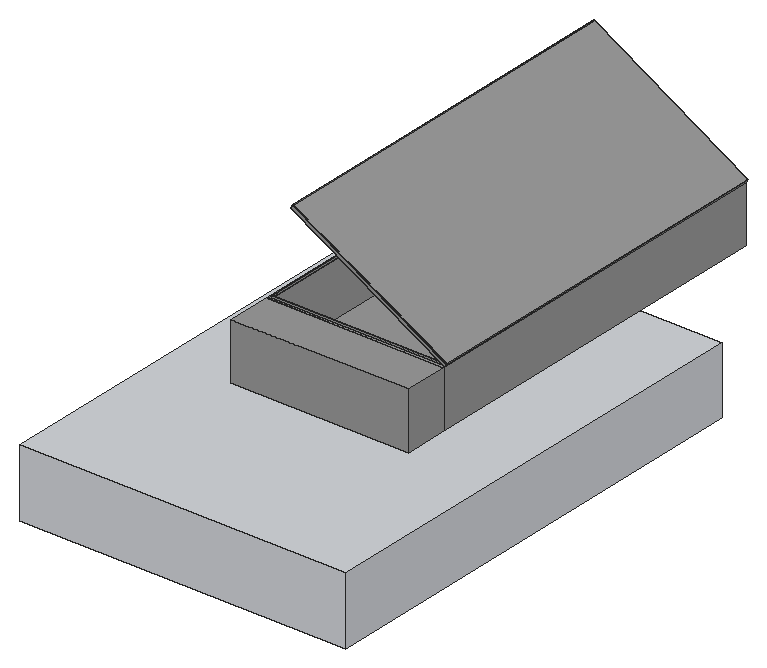
Revit family "Hager-Univers-IP55-D275-H1900-Cl.I-Steel_encl-DE-de", category Equipement électrique, Revit 2020
Family settings
  Hôte = Face
  Configuration du panneau = Deux colonnes, circuits au sein
  Cote de connecteur circulaire = Utiliser le diamètre
  Type d'élément = Tableau de raccordement
  Couper avec des vides une fois chargée = Non
  Partagée = Non
  Point de calcul de pièce = Non
Parameters (values of type "Bodenaufstellung IP55 B800 H1900 T275  - FR13E2")
  Width Control [instance] = if([EF000008 - Breite] > Min Width, [EF000008 - Breite], Min Width)  # 800 mm
  Commentaires du type = [HG000003 - Bereich]  # "Univers"
  Thickness Door [instance] = if([EF009171 - Materialstärke Tür/Deckel] > 3 mm, 3 mm, [EF009171 - Materialstärke Tür/Deckel])  # 1.5 mm
  Seal Frame Offset [instance] = 17 mm  # constant formula
  Plinth Visibility [instance] = [HG000027 - Sockelhöhe] > 0 mm  # yes
  Model = ""
  Min Width [instance] = 100 mm  # constant formula
  Min Height [instance] = 100 mm  # constant formula
  Min Depth [instance] = (2 * [EF009170 - Materialstärke Gehäuse]) + 1 mm  # 4 mm
  Internal Frame Depth [instance] = (Door System Depth * 0.5)  # 9 mm
  Height Control [instance] = if([EF000040 - Höhe] > Min Height, [EF000040 - Höhe], Min Height)  # 1900 mm
  HG000027 - Sockelhöhe = 200 mm
  HG000026 - Stehend auf dem Boden = yes
  HG000024 - Höhe des unteren Teils = 800 mm
  HG000023 - Gehäuse mit doppeltem Querschnitt = no
  HG000016 - 3D-Türsichtbarkeit [instance] = yes
  HG000015 - Sichtbarkeit der Türöffnung [instance] = no
  HG000014 - Tür rechts [instance] = yes
  HG000013 - Tür links [instance] = not([HG000014 - Tür rechts])  # no
  HG000012 - Türschwenkwinkel [instance] = 30.00°
  HG000010 - Asymmetrische Türen = no
  HG000009 - Doppelflügeligen Tür = no
  HG000006 - Unterputz = no
  HG000004 - Herstellerreferenz = "FR13E2"
  HG000003 - Bereich = "Univers"
  HG000002 - Mit tür = yes
  Frame Offset Bottom [instance] = 10 mm  # constant formula
  Frame Offset [instance] = 15 mm  # constant formula
  EF015940 - Deckel mit Überdruckentlastung = no
  EF011959 - Schutzart (NEMA) = ""
  EF009554 - Anzahl der Öffnungen für Flanschplatten = 6
  Fabricant = "Hager"  # constant formula
  EF009212 - Ausführung Deckel = "EV000116 - geschlossen"
  EF009171 - Materialstärke Tür/Deckel = 1.5 mm
  EF009170 - Materialstärke Gehäuse = 1.5 mm
  EF008873 - Nennstrom (In) = 800 A
  EF007800 - Geeignet für Blitzschutz = no
  EF006306 - Mit Schloss = no
  EF006244 - Transparenter Deckel/Tür = no
  EF005474 - Schutzart (IP) = "EV006420 - IP55"
  EF004464 - Art der Tür = "EV002646 - Einzel"
  EF004427 - Anzahl der Module = 396
  EF004293 - Schlagfestigkeit = "EV008784 - IK10"
  EF003532 - Geeignet für Außengebrauch = no
  EF002950 - Breite in Teilungseinheiten = 24
  EF001613 - Funktionserhalt = "EV000494 - ohne"
  EF001596 - Werkstoff des Gehäuses = "EV000179 - Stahl"
  EF001131 - Innentiefe = 275 mm
  EF001088 - Anbaumöglichkeit = yes
  EF000437 - Anzahl der Leitungseinführungen = 6
  EF000339 - Art der Abdeckung = "EV004216 - Tür"
  EF000266 - Anzahl der Reihen = 11
  EF000218 - Einbautiefe = 0 mm
  EF000118 - Mit Montageplatte = no
  EF000116 - RAL-Nummer = "7035"
  EF000049 - Tiefe = 275 mm
  EF000040 - Höhe = 1900 mm
  EF000008 - Breite = 800 mm
  EF000007 - Farbe = "EV000270 - grau"
  EF000003 - Montageart = "EV012274 - Bodenaufstellung"
  Door System Leaf Tolerance [instance] = 1.5 mm  # constant formula
  Door System Depth [instance] = 18 mm  # constant formula
  Door Height [instance] = Height Control - [HG000027 - Sockelhöhe]  # 1700 mm
  Depth Control [instance] = if([EF000049 - Tiefe] > Min Depth, [EF000049 - Tiefe], Min Depth)  # 275 mm
  Default Elevation = 0 mm
  Connector Offset [instance] = Height Control / 2  # 950 mm
  Bottom Top Plate Trim [instance] = 1.5 mm  # constant formula
  Plinth height Ctrl [instance] = if([HG000027 - Sockelhöhe] > 0 mm, [HG000027 - Sockelhöhe], 12 mm)  # 200 mm
Types (5, lengths in mm): name | Width Control | HG000010 - Asymmetrische Türen | HG000009 - Doppelflügeligen Tür | HG000004 - Herstellerreferenz | EF009554 - Anzahl der Öffnungen für Flanschplatten | EF004464 - Art der Tür | EF004427 - Anzahl der Module | EF000437 - Anzahl der Leitungseinführungen | EF000008 - Breite
  Bodenaufstellung IP55 B1050 H1900 T275  - FR14E2 | 1050 | yes | yes | "FR14E2" | 8 | "EV003602 - Doppel" | 528 | 8 | 1050
  Bodenaufstellung IP55 B1300 H1900 T275  - FR15E2 | 1300 | yes | yes | "FR15E2" | 10 | "EV003602 - Doppel" | 660 | 10 | 1300
  Bodenaufstellung IP55 B300 H1900 T275  - FR11E2 | 300 | no | no | "FR11E2" | 2 | "EV002646 - Einzel" | 132 | 2 | 300
  Bodenaufstellung IP55 B550 H1900 T275  - FR12E2 | 550 | no | no | "FR12E2" | 4 | "EV002646 - Einzel" | 264 | 4 | 550
  Bodenaufstellung IP55 B800 H1900 T275  - FR13E2 | 800 | no | no | "FR13E2" | 6 | "EV002646 - Einzel" | 396 | 6 | 800
Reference planes
  plane 1 "Center (Front/Back)": y = 0
  plane 2: z = 0
  plane 3 "Center (Left/Right)": x = 0
  plane 4: z = 275
  plane 5: y = 201.5
  plane 6: y = 1050
  plane 7: y = 200
  plane 8: y = 1900
  plane 9: z = 0
  plane 10: x = -385
  plane 11: x = 385
  plane 12: x = 383.5
  plane 13: x = -383.5
  plane 14: y = 1898.5
  plane 15: x = -383
  plane 16: x = -400
  plane 17: x = 383
  plane 18: x = 400
  plane 19: x = 398.5
  plane 20: x = -398.5
  plane 21: y = 211.5
  plane 22: y = 1900
  plane 23: y = 1883.5
  plane 24: z = 257
  plane 25: z = 1.5
  plane 26: z = 255.5
  plane 27: z = 273.5
Forms (mm)
  Extrusion 1, solid
    sketch origin (0, 0, 0) x (1, 0, 0) y (0, 1, 0)
      loop
        line (-702.964, 1305) -> (-702.964, -811.445) -> (766.763, -811.445) -> (766.763, 1305) -> (-702.964, 1305)
    from 0 to -304.8
  Extrusion 2, solid, material "Hager_Steel_RAL7035_Light_Grey", visible <- "Plinth Visibility", detail levels medium+fine
    sketch origin (0, 0, 0) x (1, 0, 0) y (0, 1, 0)
      loop
        line (-400, 0) -> (400, 0) -> (400, 200) -> (-400, 200) -> (-400, 0)
    from 0 to 257
  Extrusion 3, solid, material "Hager_Steel_RAL7035_Light_Grey", detail levels medium+fine
    sketch origin (0, 0, 0) x (1, 0, 0) y (0, 1, 0)
      loop
        line (-400, 200) -> (400, 200) -> (400, 1900) -> (-400, 1900) -> (-400, 200)
    from 0 to 257
  Extrusion 4, void
    sketch origin (0, 0, 0) x (1, 0, 0) y (0, 1, 0)
      loop
        line (-398.5, 201.5) -> (398.5, 201.5) -> (398.5, 1898.5) -> (-398.5, 1898.5) -> (-398.5, 201.5)
    from 1.5 to 255.5
  Extrusion 5, void
    sketch origin (-381.607, -4572, 257) x (0, -1, 0) y (-1, 0, 0)
      loop
        line (-4783.5, 1.893) -> (-6455.5, 1.893) -> (-6455.5, -765.107) -> (-4783.5, -765.107) -> (-4783.5, 1.893)
    from 0 to 1.5 <- "EF009170 - Materialstärke Gehäuse"
  Extrusion 6, solid, material "Hager_Steel_RAL7035_Light_Grey", detail levels fine
    sketch origin (0, 0, 257) x (1, 0, 0) y (0, 1, 0)
      loop
        line (-383.5, 1883.5) -> (-383.5, 211.5) -> (383.5, 211.5) -> (383.5, 1883.5) -> (-383.5, 1883.5)
      loop
        line (-385, 210) -> (385, 210) -> (385, 1885) -> (-385, 1885) -> (-385, 210)
    from 0 to 9 <- "Internal Frame Depth"
  Extrusion 7, solid, material "Hager_Steel_RAL7035_Light_Grey", detail levels coarse
    sketch origin (0, 0, 0) x (1, 0, 0) y (0, 1, 0)
      loop
        line (-400, 0) -> (400, 0) -> (400, 1900) -> (-400, 1900) -> (-400, 0)
    from 0 to 275
  Sweep 8, void
    path in 3D
      loop
        line (-400, 200, 0) -> (400, 200, 0) -> (400, 200, 257) -> (-400, 200, 257) -> (-400, 200, 0)
    profile origin (-400, 200, 128.5) x (-1, 0, 0) y (0, -1, 0)
      loop
        line (0, 0) -> (0, 1.5) -> (-1.5, 1.5)
        arc (-1.5, 1.5) -> (-1.061, 0.439) -> (0, 0) r 1.5
Cuts and joins
  Extrusion 4, Extrusion 5 cuts Extrusion 3
  Sweep 8 cuts Extrusion 2
Lines and regions (mm)
  Masking region 1
    outline origin (0, 0, 0) x (1, 0, 0) y (0, 0, 1)
      loop
        line (-400, 275) -> (-400, 0) -> (400, 0) -> (400, 275) -> (-400, 275)
  Masking region 2, detail levels medium+fine
    outline origin (0, 140, 0) x (0, 1, 0) y (0, 0, 1)
      loop
        line (60, 0) -> (1760, 0) -> (1760, 257) -> (60, 257) -> (60, 0)
  Masking region 3, not visible, detail levels medium+fine
    outline origin (0, 297.922, 0) x (0, 1, 0) y (0, 0, 1)
      loop
        line (763.578, 0) -> (803.578, 0) -> (803.578, 263.5)
        arc (803.578, 263.5) -> (800.649, 270.571) -> (793.578, 273.5) r 10
        line (793.578, 273.5) -> (763.578, 273.5) -> (763.578, 0)
  Masking region 4, detail levels coarse
    outline origin (0, 0, 180) x (0, 1, 0) y (0, 0, 1)
      loop
        line (0, -180) -> (1900, -180) -> (1900, 95) -> (0, 95) -> (0, -180)
  Masking region 5, visible <- "Plinth Visibility", detail levels medium+fine
    outline origin (0, 52.24, 12.345) x (0, 0, -1) y (0, 1, 0)
      loop
        line (10.845, 147.76) -> (-243.155, 147.76)
        arc (-243.155, 147.76) -> (-243.594, 146.699) -> (-244.655, 146.26) r 1.5
        line (-244.655, 146.26) -> (-244.655, -52.24) -> (12.345, -52.24) -> (12.345, 146.26)
        arc (12.345, 146.26) -> (11.285, 146.699) -> (10.845, 147.76) r 1.5
  Masking region 6, detail levels medium+fine
    outline origin (-381.607, -4572, 257) x (-1, 0, 0) y (0, -1, 0)
      loop
        line (18.393, -6472) -> (18.393, -4772) -> (-781.607, -4772) -> (-781.607, -6472) -> (18.393, -6472)
  Masking region 7, visible <- "Plinth Visibility", detail levels medium+fine
    outline origin (-381.607, -4727, 257) x (-1, 0, 0) y (0, -1, 0)
      loop
        arc (16.893, -4927) -> (17.332, -4925.939) -> (18.393, -4925.5) r 1.5
        line (18.393, -4925.5) -> (18.393, -4727) -> (-781.607, -4727) -> (-781.607, -4925.5)
        arc (-781.607, -4925.5) -> (-780.546, -4925.939) -> (-780.107, -4927) r 1.5
        line (-780.107, -4927) -> (16.893, -4927)
  Masking region 8, detail levels coarse
    outline origin (-442.548, -4669.526, 257) x (-1, 0, 0) y (0, -1, 0)
      loop
        line (-42.548, -6569.526) -> (-42.548, -4669.526) -> (-842.548, -4669.526) -> (-842.548, -6569.526) -> (-42.548, -6569.526)
  sketch lines
    curve 1: line (-400, 200, 257) -> (-400, 200, 0)
    curve 2: line (400, 200, 257) -> (-400, 200, 257)
    curve 3: line (400, 200, 257) -> (400, 200, 0)
    curve 4: line (-400, 200, 0) -> (400, 200, 0)
Dimensions and locks
  "Depth Control": plane 4 to Extrusion 1
  "HG000027 - Sockelhöhe": plane 1 "Center (Front/Back)" to plane 7
  "EF009170 - Materialstärke Gehäuse": plane 5 to plane 7
  locked: connector elem to plane 3 "Center (Left/Right)"
  equal spacing: plane 8, plane 6, plane 7
  locked: connector elem to plane 6
  "EF009170 - Materialstärke Gehäuse": plane 8 to plane 14
  "EF009170 - Materialstärke Gehäuse": plane 10 to plane 13
  "EF009170 - Materialstärke Gehäuse": plane 12 to plane 11
  "Frame Offset": plane 20 to plane 13
  "Frame Offset": plane 12 to plane 19
  "EF009170 - Materialstärke Gehäuse": plane 16 to plane 20
  "EF009170 - Materialstärke Gehäuse": plane 19 to plane 18
  "Seal Frame Offset": plane 16 to plane 15
  "Seal Frame Offset": plane 17 to plane 18
  "Frame Offset Bottom": plane 21 to plane 5
  "Frame Offset": plane 14 to plane 23
  equal spacing: plane 16, plane 3 "Center (Left/Right)", plane 18
  "Width Control": plane 16 to plane 18
  "EF009170 - Materialstärke Gehäuse": plane 4 to plane 27
  "EF009170 - Materialstärke Gehäuse": plane 24 to plane 26
  "EF009170 - Materialstärke Gehäuse": plane 25 to level
  "Door System Depth": plane 4 to plane 24
  "Height Control": plane 1 "Center (Front/Back)" to Extrusion 7 sketch curve
  "Height Control": Masking region 4 sketch curve to plane 1 "Center (Front/Back)"
  "Height Control": plane 1 "Center (Front/Back)" to plane 22
  "Bottom Top Plate Trim": profile plane to Sweep 8 sketch curve
  "Bottom Top Plate Trim": Sweep 8 sketch curve to profile plane
  "Plinth height Ctrl": plane 1 "Center (Front/Back)" to Extrusion 2 sketch curve
  "Plinth height Ctrl": Masking region 5 sketch curve to plane 1 "Center (Front/Back)"
  "Plinth height Ctrl": plane 1 "Center (Front/Back)" to Masking region 7 sketch curve
  "Thickness Door": Extrusion 6 sketch curve to Extrusion 6 sketch curve  (x3)
  "Thickness Door": cut or joined group of Extrusion 3, Extrusion 4, Extrusion 5 to Extrusion 6 sketch curve
  radius of Masking region 3 sketch curve = 10 mm
  "Bottom Top Plate Trim": radius of Masking region 5 sketch curve  (x2)
  "Bottom Top Plate Trim": radius of Sweep 8 sketch curve
  "Bottom Top Plate Trim": radius of Masking region 7 sketch curve  (x2)
  aligned and locked: plane 2 to Extrusion 1
  aligned and locked: level to Extrusion 1
  aligned and locked: level to Masking region 1 sketch curve
  aligned and locked: Masking region 1 sketch curve to plane 18
  aligned and locked: Masking region 1 sketch curve to plane 16
  aligned and locked: plane 7 to Masking region 2 sketch curve
  aligned and locked: level to Masking region 3 sketch curve
  aligned and locked: Masking region 3 sketch curve to plane 27
  aligned and locked: level to Masking region 2 sketch curve
  aligned and locked: plane 1 "Center (Front/Back)" to Extrusion 2 sketch curve
  aligned and locked: Extrusion 3 sketch curve to plane 7
  aligned and locked: plane 16 to Extrusion 3 sketch curve
  aligned and locked: plane 18 to Extrusion 3 sketch curve
  aligned and locked: plane 20 to Extrusion 4 sketch curve
  aligned and locked: plane 19 to Extrusion 4 sketch curve
  aligned and locked: Extrusion 4 sketch curve to plane 5
  aligned and locked: Extrusion 4 to plane 25
  aligned and locked: plane 26 to Extrusion 4
  aligned and locked: plane 24 to Extrusion 3
  aligned and locked: Extrusion 5 sketch curve to plane 21
  aligned and locked: Extrusion 5 sketch curve to plane 13
  aligned and locked: Extrusion 5 sketch curve to plane 12
  aligned and locked: plane 18 to Extrusion 7 sketch curve
  aligned and locked: plane 1 "Center (Front/Back)" to Extrusion 7 sketch curve
  aligned and locked: plane 16 to Extrusion 7 sketch curve
  aligned and locked: plane 4 to Extrusion 7
  aligned and locked: Extrusion 7 to level
  aligned and locked: level to Masking region 4 sketch curve
  aligned and locked: Masking region 4 sketch curve to plane 1 "Center (Front/Back)"
  aligned and locked: Masking region 4 sketch curve to plane 4
  aligned and locked: nested 1 to level
  aligned and locked: nested 1 to plane 16
  aligned and locked: plane 8 to Extrusion 3 sketch curve
  aligned and locked: plane 23 to Extrusion 5 sketch curve
  aligned and locked: plane 14 to Extrusion 4 sketch curve
  aligned and locked: Masking region 2 sketch curve to plane 8
  aligned and locked: level to Masking region 5 sketch curve
  aligned and locked: plane 16 to Extrusion 2 sketch curve
  aligned and locked: plane 18 to Extrusion 2 sketch curve
  aligned and locked: Masking region 5 sketch curve to plane 24
  aligned and locked: Masking region 2 sketch curve to plane 24
  aligned and locked: plane 24 to Extrusion 2
  aligned and locked: profile plane to Sweep 8 sketch curve  (x2)
  aligned and locked: Masking region 6 sketch curve to plane 18
  aligned and locked: Masking region 6 sketch curve to plane 22
  aligned and locked: Masking region 6 sketch curve to plane 16
  aligned and locked: plane 8 to plane 22
  aligned and locked: Masking region 6 sketch curve to plane 7
  aligned and locked: Masking region 7 sketch curve to plane 16
  aligned and locked: Masking region 7 sketch curve to plane 1 "Center (Front/Back)"
  aligned and locked: Masking region 7 sketch curve to plane 18
  aligned and locked: Masking region 8 sketch curve to plane 1 "Center (Front/Back)"
  aligned and locked: Masking region 8 sketch curve to plane 18
  aligned and locked: Masking region 8 sketch curve to plane 22
  aligned and locked: Masking region 8 sketch curve to plane 16
  aligned and locked: nested 2 to plane 7
  aligned and locked: plane 3 "Center (Left/Right)" to nested 2
  aligned and locked: nested 2 to plane 24
  aligned and locked: Extrusion 6 sketch curve to cut or joined group of Extrusion 3, Extrusion 4, Extrusion 5  (x4)
Automatic sketch dimensions
  Extrusion 1 sketch curve to Extrusion 1 sketch curve = 1469.727 mm
  Extrusion 1 sketch curve to Extrusion 1 sketch curve = 2116.445 mm
  Masking region 1 sketch curve to plane 4 = 0 mm
  plane 6 to Masking region 3 sketch curve = 11.5 mm
  Masking region 3 sketch curve to Masking region 3 sketch curve = 30 mm
  Masking region 5 sketch curve to plane 1 "Center (Front/Back)" = 0 mm
Nested families
  nested 1: "Hager_Enclosure_Symbol" at (-400, 0, 0) x (1, 0, 0) z (0, -1, 0), Height <- "Depth Control", Width <- "Width Control", type "Hager_Enclosure_Symbol"
    with Width_Ctrl 800 mm, Width 800 mm, Height_Ctrl 275 mm, Height 275 mm, A_Width_Int 18.047 mm, A_Width 216.562 mm, A_Height_Ctrl 240.625 mm, A_Height 240.625 mm
  nested 2: "EC000058_Univers_Door" at (0, 200, 257) x (1, 0, 0) z (0, 1, 0), Leaf_Tolerance <- "Door System Leaf Tolerance", Angle <- "HG000012 - Türschwenkwinkel", Door_Depth <- "Door System Depth", Door_Left <- "HG000013 - Tür links", Transparent <- "EF006244 - Transparenter Deckel/Tür", Assymetrical <- "HG000010 - Asymmetrische Türen", Width <- "Width Control", Clearance <- "HG000015 - Sichtbarkeit der Türöffnung", Double <- "HG000009 - Doppelflügeligen Tür", 3d_Door <- "HG000016 - 3D-Türsichtbarkeit", Lock_Visibility <- "EF006306 - Mit Schloss", Width_Ctrl <- "Width Control", Door_Right <- "HG000014 - Tür rechts", Door <- "HG000002 - Mit tür", Height <- "Door Height", Thickness <- "Thickness Door", type "EC000058_Univers_Door", detail levels medium+fine
    with min_wh 4 mm, Width_Ctrl 800 mm, Width 800 mm, Transparent no, Thickness 1.5 mm, Seal_Material Hager_Rubber, Lock_Visibility no, Lock_Material Hager_Plastic_RAL9005_Jet_Black, Leaf_Width 800 mm, Leaf_Tolerance_External_Sides 0 mm, Leaf_Tolerance 1.5 mm, Leaf_Offset 0 mm, Leaf_Height 1697 mm, Leaf_2_Width 800 mm, Leaf_2_Offset 400 mm, Leaf_1_Width 800 mm, Leaf_1_Offset 400 mm, Height_Ctrl 1700 mm, Height 1700 mm, Glass_Material Hager_Glass, Double_Clearance_Ctrl no, Double no, Door_Right_Ctrl yes, Door_Right yes, Door_Material Hager_Steel_RAL7035_Light_Grey, Door_Left_Ctrl no, Door_Left no, Door_Depth 18 mm, Door yes, Clearance_Material Hager_Clearance, Clearance_Depth 800 mm, Clearance_Ctrl no, Clearance no, Assymetrical no, Angle 30.00°, 3d_Door yes
Connectors
  electrical at (0, 1050, 0)
    settings: on plane 9, index 1, voltage 0 V, apparent load 0 VA, apparent load phase1 0 VA, apparent load phase2 0 VA, apparent load phase3 0 VA, power factor 1, load classification "Other", number of poles 1, system type 30, power factor state 1, is connector primary yes, connector utility no, sub classification motor no, connector description ""
Definition of nested family "EC000058_Univers_Door"
  Parameters (values of type "EC000058_Univers_Door")
    min_wh [instance] = (2 * Thickness) + 1 mm  # 11 mm
    Width_Ctrl [instance] = 400 mm
    Width [instance] = 500 mm
    Transparent [instance] = yes
    Thickness [instance] = 5 mm
    Seal_Material [instance] = none
    Lock_Visibility [instance] = yes
    Lock_Material [instance] = none
    Leaf_Width [instance] = if((Width_Ctrl - 2 * Leaf_Tolerance_External_Sides) > 0 mm, (Width_Ctrl - 2 * Leaf_Tolerance_External_Sides), min_wh)  # 400 mm
    Leaf_Tolerance_External_Sides [instance] = 0 mm  # constant formula
    Leaf_Tolerance [instance] = 1.5 mm
    Leaf_Offset [instance] = 0 mm  # constant formula
    Leaf_Height [instance] = if((Height_Ctrl - 2 * Leaf_Tolerance) > 0 mm, (Height_Ctrl - 2 * Leaf_Tolerance), min_wh)  # 497 mm
    Leaf_2_Width [instance] = if(and(and(Double, Assymetrical), Door_Left), (Leaf_Width / 3) - (Leaf_Tolerance / 2), if(and(and(Double, Assymetrical), Door_Right), (Leaf_Width / 3) * 2 - (Leaf_Tolerance / 2), if(and(Double, not(Assymetrical)), (Leaf_Width / 2) - Leaf_Tolerance, Leaf_Width)))  # 400 mm
    Leaf_2_Offset [instance] = if(and(Double, Assymetrical), Leaf_2_Width / 2, if(and(Double, not(Assymetrical)), Leaf_Width / 4, Leaf_Width / 2))  # 200 mm
    Leaf_1_Width [instance] = if(and(and(Double, Assymetrical), Door_Right), (Leaf_Width / 3) - (Leaf_Tolerance / 2), if(and(and(Double, Assymetrical), Door_Left), (Width / 3) * 2 - (Leaf_Tolerance / 2), if(and(Double, not(Assymetrical)), (Leaf_Width / 2) - Leaf_Tolerance, Leaf_Width)))  # 400 mm
    Leaf_1_Offset [instance] = if(and(Double, Assymetrical), Leaf_1_Width / 2, if(and(Double, not(Assymetrical)), Leaf_Width / 4, Leaf_Width / 2))  # 200 mm
    Height_Ctrl [instance] = if(Height > min_wh, Height, min_wh)  # 500 mm
    Height [instance] = 500 mm
    Glass_Material [instance] = none
    Double_Clearance_Ctrl [instance] = and(Double, Clearance)  # no
    Double [instance] = no
    Door_Right_Ctrl [instance] = and(or(Door_Right, Double), Door)  # yes
    Door_Right [instance] = yes
    Door_Material [instance] = none
    Door_Left_Ctrl [instance] = and(or(Door_Left, Double), Door)  # no
    Door_Left [instance] = no
    Door_Depth [instance] = 30 mm
    Door [instance] = yes
    Default Elevation = 1219.2 mm
    Clearance_Material [instance] = none
    Clearance_Depth [instance] = if(Leaf_1_Width > Leaf_2_Width, Leaf_1_Width, Leaf_2_Width)  # 400 mm
    Clearance_Ctrl [instance] = and(not(Double), Clearance)  # yes
    Clearance [instance] = yes
    Assymetrical [instance] = yes
    Angle [instance] = 30.00°
    3d_Door [instance] = yes
  Reference planes
    plane 1 "Center (Front/Back)": y = 0
    plane 2 "Bottom": z = 0
    plane 3 "Center (Left/Right)": x = 0
    plane 4: z = 500
    plane 5: x = -200
    plane 6: x = 200
    plane 7: z = 500
    plane 8: x = -200
    plane 9: z = 0
    plane 10: x = 200
    plane 11: y = 0
    plane 12: z = 1.5
    plane 13: x = -600
    plane 14: y = -400
    plane 15: x = 600
    plane 16: x = 0
    plane 17: x = 0
    plane 18: x = -200
    plane 19: x = 200
    plane 20: z = 498.5
  Forms (mm)
    Extrusion 1, solid, material <- "Clearance_Material", visible <- "Double_Clearance_Ctrl"
      sketch origin (1200, 0, 0) x (1, 0, 0) y (0, 0, -1)
        loop
          line (-1800, -498.5) -> (-600, -498.5) -> (-600, 0) -> (-1800, 0) -> (-1800, -498.5)
      from 0 to -400
  Dimensions and locks
    equal spacing: plane 5, plane 3 "Center (Left/Right)", plane 6
    "Width_Ctrl": plane 5 to plane 6
    "Leaf_Offset": plane 5 to plane 8
    "Leaf_Offset": plane 6 to plane 10
    "Leaf_Offset": plane 9 to level
    "Leaf_Offset": plane 4 to plane 7
    "Height_Ctrl": plane 4 to level
    "Leaf_Tolerance": plane 12 to plane 9
    locked: plane 11 to plane 1 "Center (Front/Back)"
    "Leaf_1_Offset": plane 18 to plane 16
    "Leaf_2_Offset": plane 17 to plane 19
    "Leaf_1_Width": plane 13 to plane 8
    "Leaf_2_Width": plane 10 to plane 15
    "Clearance_Depth": plane 14 to plane 1 "Center (Front/Back)"
    "Leaf_Tolerance_External_Sides": plane 8 to plane 18
    "Leaf_Tolerance_External_Sides": plane 19 to plane 10
    "Leaf_Tolerance": plane 7 to plane 20
    aligned and locked: level to plane 2 "Bottom"
    aligned and locked: nested 1 to plane 16
    aligned and locked: nested 2 to plane 17
    aligned and locked: Extrusion 1 to plane 13
    aligned and locked: plane 15 to Extrusion 1
    aligned and locked: Extrusion 1 to plane 14
    aligned and locked: plane 12 to nested 1
    aligned and locked: nested 2 to plane 12
    aligned and locked: Extrusion 1 to plane 11
    aligned and locked: plane 20 to Extrusion 1
    aligned and locked: nested 2 to plane 11
    aligned and locked: nested 1 to plane 11
  Automatic sketch dimensions
    Extrusion 1 sketch curve to level = 0 mm
    plane 5 to Extrusion 1 sketch curve = 400 mm
    plane 6 to Extrusion 1 sketch curve = 400 mm
    Extrusion 1 sketch curve to plane 4 = 1.5 mm
  Nested families
    nested 1: "EC000058_Univers_Door_Leaf" at (0, 0, 1.5), Width <- "Leaf_1_Width", visible <- "Door_Left_Ctrl", Leaf_Height <- "Leaf_Height", Angle <- "Angle", 3d_Door <- "3d_Door", Transparent <- "Transparent", Clearance Material <- "Clearance_Material", Clearance <- "Clearance_Ctrl", Door_Material <- "Door_Material", Glass_Material <- "Glass_Material", Door_Depth <- "Door_Depth", Lock_Material <- "Lock_Material", Seal_Material <- "Seal_Material", Lock_Visibility <- "Lock_Visibility", Thickness <- "Thickness", type "EC000058_Univers_Door_Leaf"
      with Width 400 mm, Transparent_Glass_Offset 30 mm, Transparent_Ctrl yes, Transparent yes, Thickness 5 mm, Standard no, Seal_Material none, Seal_D2 8 mm, Seal_D1 1 mm, Offset_Internal_Frame 10 mm, Lock_Width 20 mm, Lock_Visibility_3d yes, Lock_Visibility yes, Lock_Thickness_3 3 mm, Lock_Thickness_2 1 mm, Lock_Thickness_1 3 mm, Lock_Radius_Offset_2 16 mm, Lock_Radius_Offset_1 15 mm, Lock_Radius_2 5 mm, Lock_Radius 6 mm, Lock_Offset 5 mm, Lock_Material none, Lock_Height 80 mm, Lock_Cover_Top_Offset_2d 17 mm, Lock_Cover_Height -65 mm, Leaf_Height 497 mm, Internal_Seal_Thickness 8 mm, Internal_Seal_Depth_2 4.5 mm, Internal_Frame_Depth 25 mm, Glass_Thickness -1 mm, Glass_Offset -2 mm, Glass_Material none, Door_Material none, Door_Depth 30 mm, Clearance Material none, Clearance yes, Angle_Ctrl 30.00°, Angle 30.00°, 3d_Door yes
    nested 2: "EC000058_Univers_Door_Leaf" at (0, 0, 1.5) x (-1, 0, 0) z (0, 0, 1), Width <- "Leaf_2_Width", visible <- "Door_Right_Ctrl", Leaf_Height <- "Leaf_Height", Angle <- "Angle", 3d_Door <- "3d_Door", Transparent <- "Transparent", Clearance Material <- "Clearance_Material", Clearance <- "Clearance_Ctrl", Door_Material <- "Door_Material", Glass_Material <- "Glass_Material", Door_Depth <- "Door_Depth", Lock_Material <- "Lock_Material", Seal_Material <- "Seal_Material", Lock_Visibility <- "Lock_Visibility", Thickness <- "Thickness", type "EC000058_Univers_Door_Leaf"
      with Width 400 mm, Transparent_Glass_Offset 30 mm, Transparent_Ctrl yes, Transparent yes, Thickness 5 mm, Standard no, Seal_Material none, Seal_D2 8 mm, Seal_D1 1 mm, Offset_Internal_Frame 10 mm, Lock_Width 20 mm, Lock_Visibility_3d yes, Lock_Visibility yes, Lock_Thickness_3 3 mm, Lock_Thickness_2 1 mm, Lock_Thickness_1 3 mm, Lock_Radius_Offset_2 16 mm, Lock_Radius_Offset_1 15 mm, Lock_Radius_2 5 mm, Lock_Radius 6 mm, Lock_Offset 5 mm, Lock_Material none, Lock_Height 80 mm, Lock_Cover_Top_Offset_2d 17 mm, Lock_Cover_Height -65 mm, Leaf_Height 497 mm, Internal_Seal_Thickness 8 mm, Internal_Seal_Depth_2 4.5 mm, Internal_Frame_Depth 25 mm, Glass_Thickness -1 mm, Glass_Offset -2 mm, Glass_Material none, Door_Material none, Door_Depth 30 mm, Clearance Material none, Clearance yes, Angle_Ctrl 30.00°, Angle 30.00°, 3d_Door yes
  Definition of nested family "EC000058_Univers_Door_Leaf"
    Parameters (values of type "EC000058_Univers_Door_Leaf")
      Width [instance] = 2000 mm
      Transparent_Glass_Offset [instance] = 30 mm
      Transparent_Ctrl [instance] = and(Transparent, [3d_Door])  # yes
      Transparent [instance] = yes
      Thickness [instance] = 5 mm
      Standard [instance] = and(not(Transparent), [3d_Door])  # no
      Seal_Material [instance] = none
      Seal_D2 [instance] = 8 mm  # constant formula
      Seal_D1 [instance] = 1 mm  # constant formula
      Offset_Internal_Frame [instance] = 10 mm  # constant formula
      Lock_Width [instance] = 20 mm  # constant formula
      Lock_Visibility_3d [instance] = and(Lock_Visibility, [3d_Door])  # yes
      Lock_Visibility [instance] = yes
      Lock_Thickness_3 [instance] = 3 mm  # constant formula
      Lock_Thickness_2 [instance] = 1 mm  # constant formula
      Lock_Thickness_1 [instance] = 3 mm  # constant formula
      Lock_Radius_Offset_2 [instance] = Lock_Radius_Offset_1 + 1 mm  # 16 mm
      Lock_Radius_Offset_1 [instance] = 15 mm  # constant formula
      Lock_Radius_2 [instance] = Lock_Radius - 1 mm  # 5 mm
      Lock_Radius [instance] = 6 mm  # constant formula
      Lock_Offset [instance] = 5 mm  # constant formula
      Lock_Material [instance] = none
      Lock_Height [instance] = 80 mm  # constant formula
      Lock_Cover_Top_Offset_2d [instance] = Lock_Radius_Offset_2 + 1 mm  # 17 mm
      Lock_Cover_Height [instance] = -(Lock_Height - Lock_Radius_Offset_1)  # -65 mm
      Leaf_Height [instance] = 2720.336 mm
      Internal_Seal_Thickness [instance] = 8 mm  # constant formula
      Internal_Seal_Depth_2 [instance] = 4.5 mm  # constant formula
      Internal_Frame_Depth [instance] = if(Door_Depth - Thickness > 5 mm, Door_Depth - Thickness, 5 mm)  # 25 mm
      Glass_Thickness [instance] = if(Thickness > 15 mm, Glass_Offset + 10 mm, -1 mm)  # -1 mm
      Glass_Offset [instance] = if(Thickness > 15 mm, -(Thickness + 10 mm) / 2, -2 mm)  # -2 mm
      Glass_Material [instance] = none
      Door_Material [instance] = none
      Door_Depth [instance] = 30 mm
      Default Elevation = 0 mm
      Clearance Material [instance] = none
      Clearance [instance] = yes
      Angle_Ctrl [instance] = if(Angle > 180.00°, 180.00°, Angle)  # 90.00°
      Angle [instance] = 90.00°
      3d_Door [instance] = yes
    Reference planes
      plane 1 "Center (Front/Back)": y = 0
      plane 2: z = 0
      plane 3 "Center (Left/Right)": x = 0
      plane 4: y = 2000
      plane 5: x = -1000
      plane 6: x = 1000
      plane 7: x = -3000
      plane 8: z = 2720.336
      plane 9: z = 30
      plane 10: z = 2690.336
      plane 11: x = 970
      plane 12: x = -970
      plane 13: y = -3
      plane 14: z = 107.833
      plane 15: y = -5
      plane 16: y = -223.314
      plane 17: x = -1000
      plane 18: z = 1360.168
      plane 19: y = 30
    Forms (mm)
      Extrusion 1, solid, material <- "Clearance Material", visible <- "Clearance"
        sketch origin (0, 0, 0) x (1, 0, 0) y (0, 0, 1)
          loop
            line (-3000, 2720.336) -> (-3000, 0) -> (1000, 0) -> (1000, 2720.336) -> (-3000, 2720.336)
        from 0 to -2000
      Extrusion 2, solid, material <- "Door_Material", visible <- "Standard", detail levels medium+fine
        sketch origin (-1000, 0, 0) x (0, 1, 0) y (-1, 0, 0)
          loop
            line (0, 30) -> (0, 25) -> (2000, 25) -> (2000, 30) -> (0, 30)
        from 0 to 2720.336 <- "Leaf_Height"
      Extrusion 3, solid, material <- "Door_Material", visible <- "Transparent_Ctrl", detail levels medium+fine
        sketch origin (-1000, 0, 0) x (0, 1, 0) y (-1, 0, 0)
          loop
            line (0, 25) -> (2000, 25) -> (2000, 30) -> (0, 30) -> (0, 25)
        from 0 to 2720.336 <- "Leaf_Height"
      Extrusion 4, void
        sketch origin (-1025, 2000, 0) x (0, 1, 0) y (0, 0, -1)
          loop
            line (-30, -2690.336) -> (-30, -30) -> (-1970, -30) -> (-1970, -2690.336) -> (-30, -2690.336)
        from 0 to 5 <- "Thickness"
      Sweep 5, solid, material <- "Seal_Material", visible <- "Transparent_Ctrl", detail levels fine
        path in 3D
          loop
            line (-1025, 30, 30) -> (-1025, 30, 2690.336) -> (-1025, 1970, 2690.336) -> (-1025, 1970, 30) -> (-1025, 30, 30)
        profile origin (-1025, 1000, 30) x (1, 0, 0) y (0, 0, 1)
          loop
            line (0, 0) -> (0, -8) -> (1, -8) -> (1, 0) -> (0, 0)
      Extrusion 6, solid, material <- "Glass_Material", visible <- "Transparent_Ctrl", detail levels medium+fine
        sketch origin (-1030, 0, 0) x (0, 1, 0) y (0, 0, -1)
          loop
            line (1970, -2690.336) -> (1970, -30) -> (30, -30) -> (30, -2690.336) -> (1970, -2690.336)
        from -2 <- "Glass_Offset" to -1 <- "Glass_Thickness"
      Extrusion 7, solid, material <- "Door_Material", visible <- "3d_Door", detail levels medium+fine
        sketch origin (-1025, 2000, 0) x (0, -1, 0) y (0, 0, -1)
          loop
            line (0, -2720.336) -> (2000, -2720.336) -> (2000, 0) -> (0, 0) -> (0, -2720.336)
          loop
            line (1995, -5) -> (5, -5) -> (5, -2715.336) -> (1995, -2715.336) -> (1995, -5)
        from 0 to 25 <- "Internal_Frame_Depth"
      Sweep 8, solid, material <- "Seal_Material", visible <- "Transparent_Ctrl", detail levels fine
        path in 3D
          loop
            line (-1025, 0, 0) -> (-1025, 2000, 0) -> (-1025, 2000, 2720.336) -> (-1025, 0, 2720.336) -> (-1025, 0, 0)
        profile origin (-1025, 0, 1360.168) x (1, 0, 0) y (0, 1, 0)
          loop
            line (0, 10) -> (2.975, 10)
            arc (2.975, 10) -> (4.053, 10.447) -> (4.5, 11.525) r 1.525
            line (4.5, 11.525) -> (4.5, 16.527)
            arc (4.5, 16.527) -> (4.069, 17.569) -> (3.027, 18) r 1.473
            line (3.027, 18) -> (0, 18) -> (0, 10)
      Extrusion 9, solid, material <- "Lock_Material", visible <- "Lock_Visibility_3d", detail levels fine
        sketch origin (-1030, 0, 0) x (0, 1, 0) y (0, 0, -1)
          loop
            arc (1993.5, -1400.168) -> (1994.561, -1399.729) -> (1995, -1398.668) r 1.5
            line (1995, -1398.668) -> (1995, -1320.168) -> (1975, -1320.168) -> (1975, -1398.668)
            arc (1975, -1398.668) -> (1975.439, -1399.729) -> (1976.5, -1400.168) r 1.5
            line (1976.5, -1400.168) -> (1993.5, -1400.168)
        from 3 <- "Lock_Thickness_1" to 0
      Blend 10, solid, material <- "Lock_Material", visible <- "Lock_Visibility_3d", detail levels fine
        base sketch origin (-1033, 0, 0) x (0, 1, 0) y (0, 0, -1)
          loop
            line (1975, -1320.168) -> (1975, -1398.668)
            arc (1975, -1398.668) -> (1975.439, -1399.729) -> (1976.5, -1400.168) r 1.5
            line (1976.5, -1400.168) -> (1993.5, -1400.168)
            arc (1993.5, -1400.168) -> (1994.561, -1399.729) -> (1995, -1398.668) r 1.5
            line (1995, -1398.668) -> (1995, -1320.168) -> (1975, -1320.168)
        top sketch origin (-1033, 0, 0) x (0, 1, 0) y (0, 0, -1)
          loop
            line (1976, -1320.168) -> (1976, -1398.668)
            arc (1976, -1398.668) -> (1976.146, -1399.022) -> (1976.5, -1399.168) r 0.5
            line (1976.5, -1399.168) -> (1993.5, -1399.168)
            arc (1993.5, -1399.168) -> (1993.854, -1399.022) -> (1994, -1398.668) r 0.5
            line (1994, -1398.668) -> (1994, -1320.168) -> (1976, -1320.168)
        from 0 to 1 <- "Lock_Thickness_2"
      Blend 11, solid, material <- "Lock_Material", visible <- "Lock_Visibility_3d", detail levels fine
        base sketch origin (-1034, 0, 0) x (0, 1, 0) y (0, 0, -1)
          loop
            line (1978, -1320.168) -> (1978, -1384.168)
            arc (1978, -1384.168) -> (1985, -1391.168) -> (1992, -1384.168) r 7
            line (1992, -1384.168) -> (1992, -1320.168) -> (1978, -1320.168)
        top sketch origin (-1034, 0, 0) x (0, 1, 0) y (0, 0, -1)
          loop
            line (1991, -1320.168) -> (1979, -1320.168) -> (1979, -1383.168)
            arc (1979, -1383.168) -> (1985, -1389.168) -> (1991, -1383.168) r 6
            line (1991, -1383.168) -> (1991, -1320.168)
        from 0 to 3 <- "Lock_Thickness_3"
      Extrusion 12, solid, material <- "Lock_Material", visible <- "Lock_Visibility_3d", detail levels fine
        sketch origin (-1030, 1975, 1320.168) x (1, 0, 0) y (0, -1, 0)
          loop
            line (-7, -19) -> (-7, -1) -> (0, -1) -> (0, 0) -> (-8, 0) -> (-8, -20) -> (0, -20) -> (0, -19) -> (-7, -19)
        from 0 to -65 <- "Lock_Cover_Height"
      Extrusion 13, void
        sketch origin (-1038, 1995, 1320.168) x (-1, 0, 0) y (0, 0, -1)
          loop
            line (-5, -65) -> (0, -65) -> (-5, -60) -> (-5, -65)
        from 0 to 20 <- "Lock_Width"
      Extrusion 14, void
        sketch origin (-1038, 1975, 1320.168) x (0, -1, 0) y (0, 0, -1)
          loop
            circle (-10, -15.995) r 6
          loop
            circle (-10, -15.995) r 5
        from 0 to 2
      Extrusion 15, solid, material <- "Lock_Material", visible <- "Lock_Visibility_3d", detail levels medium
        sketch origin (-1030, 0, 0) x (0, 1, 0) y (0, 0, -1)
          loop
            arc (1993.5, -1400.168) -> (1994.561, -1399.729) -> (1995, -1398.668) r 1.5
            line (1995, -1398.668) -> (1995, -1320.168) -> (1975, -1320.168) -> (1975, -1398.668)
            arc (1975, -1398.668) -> (1975.439, -1399.729) -> (1976.5, -1400.168) r 1.5
            line (1976.5, -1400.168) -> (1993.5, -1400.168)
        from 8 to 0
    Cuts and joins
      Extrusion 4 cuts Extrusion 3
      Extrusion 13, Extrusion 14 cuts Extrusion 9
      Extrusion 14 cuts Blend 11
      Extrusion 13, Extrusion 14 cuts Extrusion 12
      joined: Extrusion 9, Blend 10, Blend 11, Extrusion 12
      Extrusion 14 cuts Extrusion 15
    Lines and regions (mm)
      Masking region 1, visible <- "Lock_Visibility", detail levels fine
        outline origin (0, 0, 0) x (0, 1, 0) y (0, 0, 1)
          loop
            line (30, 1320.168) -> (33, 1320.168) -> (33, 1400.168) -> (30, 1400.168) -> (30, 1320.168)
      Masking region 2, visible <- "Lock_Visibility", detail levels fine
        outline origin (0, 3.143, 0) x (0, 1, 0) y (0, 0, 1)
          loop
            line (29.857, 1354.168) -> (30.857, 1354.168) -> (30.857, 1366.168) -> (29.857, 1366.168) -> (29.857, 1354.168)
      Masking region 3, detail levels medium+fine
        outline origin (0, 0, 0) x (0, 1, 0) y (0, 0, 1)
          loop
            line (0, 0) -> (30, 0) -> (30, 2720.336) -> (0, 2720.336) -> (0, 0)
      Masking region 4, detail levels medium+fine
        outline origin (0, 0, 0) x (1, 0, 0) y (0, 0, 1)
          loop
            line (-1000, 2720.336) -> (-1000, 0) -> (1000, 0) -> (1000, 2720.336) -> (-1000, 2720.336)
      Masking region 5, visible <- "Lock_Visibility", detail levels fine
        outline origin (-47.116, 0, 0) x (1, 0, 0) y (0, 0, 1)
          loop
            arc (1024.616, 1399.168) -> (1023.556, 1398.729) -> (1023.116, 1397.668) r 1.5
            line (1023.116, 1397.668) -> (1023.116, 1320.168) -> (1041.116, 1320.168) -> (1041.116, 1397.668)
            arc (1041.116, 1397.668) -> (1040.677, 1398.729) -> (1039.616, 1399.168) r 1.5
            line (1039.616, 1399.168) -> (1024.616, 1399.168)
      Masking region 6, visible <- "Lock_Visibility", detail levels medium+fine
        outline origin (-25, 0, 0) x (1, 0, 0) y (0, 0, 1)
          loop
            arc (1001.5, 1400.168) -> (1000.439, 1399.729) -> (1000, 1398.668) r 1.5
            line (1000, 1398.668) -> (1000, 1320.168) -> (1020, 1320.168) -> (1020, 1398.668)
            arc (1020, 1398.668) -> (1019.561, 1399.729) -> (1018.5, 1400.168) r 1.5
            line (1018.5, 1400.168) -> (1001.5, 1400.168)
      Masking region 7, visible <- "Lock_Visibility", detail levels fine
        outline origin (-73.735, 0, 0) x (1, 0, 0) y (0, 0, 1)
          loop
            line (1051.735, 1382.168) -> (1065.735, 1382.168) -> (1065.735, 1384.168)
            arc (1065.735, 1384.168) -> (1058.735, 1391.168) -> (1051.735, 1384.168) r 7
            line (1051.735, 1384.168) -> (1051.735, 1382.168)
      Masking region 8, visible <- "Lock_Visibility", detail levels fine
        outline origin (-73.735, 0, 0) x (1, 0, 0) y (0, 0, 1)
          loop
            line (1052.735, 1382.168) -> (1064.735, 1382.168) -> (1064.735, 1383.168)
            arc (1064.735, 1383.168) -> (1058.735, 1389.168) -> (1052.735, 1383.168) r 6
            line (1052.735, 1383.168) -> (1052.735, 1382.168)
      Masking region 9, visible <- "Lock_Visibility", detail levels fine
        outline origin (-25, 0, 0) x (1, 0, 0) y (0, 0, 1)
          loop
            line (1020, 1320.168) -> (1020, 1382.168) -> (1000, 1382.168) -> (1000, 1320.168) -> (1020, 1320.168)
      Masking region 10, detail levels medium+fine
        outline origin (0, 0, 0) x (1, 0, 0) y (0, 0, 1)
          loop
            circle (985, 1335.144) r 6
      Masking region 11, detail levels fine
        outline origin (0, 0, 0) x (1, 0, 0) y (0, 0, 1)
          loop
            circle (985, 1335.144) r 5
      Masking region 12, visible <- "Lock_Visibility", detail levels fine
        outline origin (0, 12.767, 0) x (0, 1, 0) y (0, 0, 1)
          loop
            line (20.233, 1320.168) -> (21.233, 1320.168) -> (21.233, 1399.168) -> (20.233, 1400.168) -> (20.233, 1320.168)
      Masking region 13, visible <- "Lock_Visibility", detail levels fine
        outline origin (0, 13.767, -10) x (0, 1, 0) y (0, 0, 1)
          loop
            line (20.233, 1330.168) -> (23.233, 1330.168) -> (23.233, 1399.168) -> (20.233, 1402.168) -> (20.233, 1330.168)
      Masking region 14, visible <- "Lock_Visibility", detail levels fine
        outline origin (0, 12.767, -10) x (0, 1, 0) y (0, 0, 1)
          loop
            line (20.233, 1330.168) -> (25.233, 1330.168) -> (25.233, 1399.305) -> (20.233, 1394.305) -> (20.233, 1330.168)
      Masking region 15, visible <- "Lock_Visibility", detail levels medium
        outline origin (0, 0, 0) x (0, 1, 0) y (0, 0, 1)
          loop
            line (30, 1320.168) -> (38, 1320.168) -> (38, 1400.168) -> (30, 1400.168) -> (30, 1320.168)
      Masking region 16, visible <- "Lock_Visibility", detail levels fine
        outline origin (-1000, 0, 0) x (0, 1, 0) y (-1, 0, 0)
          loop
            line (1975, 30) -> (1995, 30) -> (1995, 38) -> (1975, 38) -> (1975, 30)
          loop
            line (1979, 37) -> (1976, 37) -> (1976, 34) -> (1978, 34) -> (1979, 37)
          loop
            line (1994, 37) -> (1991, 37) -> (1992, 34) -> (1994, 34) -> (1994, 37)
      Masking region 17, visible <- "Lock_Visibility", detail levels medium
        outline origin (-1000, 0, 0) x (0, 1, 0) y (-1, 0, 0)
          loop
            line (1975, 30) -> (1995, 30) -> (1995, 38) -> (1975, 38) -> (1975, 30)
      symbolic lines
        curve 1: line (1000, 0, 0) -> (-3000, 0, 0)
        curve 2: arc (1000, 0, 0) -> (-1000, 2000, 0) -> (-3000, 0, 0) r 2000
        curve 4: line (-1030, 0, 0) -> (-1030, 2000, 0)
      reference lines
        curve 3: line (-1000, 0, 0) -> (-1000, 2000, 0)
      symbolic lines, detail levels medium+fine
        curve 5: line (-1030, 2000, 0) -> (-1025, 2000, 0)
        curve 7: line (-1025, 0, 0) -> (-1030, 0, 0)
        curve 8: line (-1025, 0, 0) -> (-1000, 0, 0)
        curve 9: line (-1000, 0, 0) -> (-1000, 2000, 0)
        curve 10: line (-1000, 2000, 0) -> (-1025, 2000, 0)
      symbolic lines, detail levels fine
        curve 6: line (-1025, 2000, 0) -> (-1025, 0, 0)
      sketch lines
        curve 11: line (-1025, 0, 2720.336) -> (-1025, 0, 0)
        curve 12: line (-1025, 2000, 0) -> (-1025, 0, 0)
        curve 13: line (-1025, 2000, 2720.336) -> (-1025, 2000, 0)
        curve 14: line (-1025, 0, 2720.336) -> (-1025, 2000, 2720.336)
        curve 15: line (-1025, 1970, 30) -> (-1025, 30, 30)
        curve 16: line (-1025, 30, 30) -> (-1025, 30, 2690.336)
        curve 17: line (-1025, 1970, 2690.336) -> (-1025, 1970, 30)
        curve 18: line (-1025, 30, 2690.336) -> (-1025, 1970, 2690.336)
      symbolic lines, visible <- "Transparent", detail levels medium+fine
        curve 19: line (-970, 0, 2690.336) -> (970, 0, 2690.336)
        curve 20: line (-970, 0, 30) -> (-970, 0, 2690.336)
        curve 21: line (970, 0, 30) -> (-970, 0, 30)
        curve 22: line (970, 0, 2690.336) -> (970, 0, 30)
    Dimensions and locks
      "Width": plane 1 "Center (Front/Back)" to plane 4
      equal spacing: plane 5, plane 3 "Center (Left/Right)", plane 6
      "Width": plane 5 to plane 6
      "Width": plane 7 to plane 5
      "Leaf_Height": plane 8 to level
      "Width": curve 5 to curve 3
      "Width": curve 3 to curve 3
      plane 8 to plane 10 = 30 mm
      plane 9 to level = 30 mm
      plane 12 to plane 5 = 30 mm
      plane 6 to plane 11 = 30 mm
      Extrusion 1 to Extrusion 4 sketch curve = 30 mm
      "Transparent_Glass_Offset": curve 3 to Extrusion 4 sketch curve
      "Transparent_Glass_Offset": Extrusion 4 sketch curve to cut or joined group of Extrusion 3, Extrusion 4  (x2)
      cut or joined group of Extrusion 3, Extrusion 4 to Extrusion 6 sketch curve = 30 mm
      "Transparent_Glass_Offset": cut or joined group of Extrusion 3, Extrusion 4 to Extrusion 4 sketch curve
      "Thickness": curve 6 to curve 4
      "Thickness": Extrusion 7 sketch curve to Extrusion 7 sketch curve  (x4)
      "Door_Depth": curve 4 to curve 3
      "Offset_Internal_Frame": profile plane to Sweep 8 sketch curve
      "Internal_Seal_Thickness": Sweep 8 sketch curve to Sweep 8 sketch curve
      "Internal_Seal_Depth_2": profile plane to Sweep 8 sketch curve
      "Seal_D1": profile plane to Sweep 5 sketch curve
      "Seal_D2": profile plane to Sweep 5 sketch curve
      "Thickness": Extrusion 2 sketch curve to Extrusion 2 sketch curve
      equal spacing: Extrusion 9 sketch curve, plane 18, Extrusion 9 sketch curve  (x2)
      equal spacing: Masking region 1 sketch curve, plane 18, Masking region 1 sketch curve
      "Lock_Height": Masking region 1 sketch curve to Masking region 1 sketch curve
      "Lock_Radius": Masking region 2 sketch curve to plane 18 to Masking region 2 sketch curve
      Masking region 2 sketch curve to Masking region 1 = 1 mm
      "Door_Depth": plane 19 to plane 1 "Center (Front/Back)"
      "Lock_Thickness_1": Masking region 1 sketch curve to plane 19
      "Lock_Width": Extrusion 9 sketch curve to Extrusion 9 sketch curve
      "Lock_Height": Extrusion 9 sketch curve to Extrusion 9 sketch curve
      "Lock_Offset": cut or joined group of Extrusion 3, Extrusion 4 to Extrusion 9 sketch curve
      equal spacing: plane 8, plane 18, level
      "Lock_Radius_Offset_1": Blend 11 sketch curve to Blend 10
      locked: Blend 10 to Blend 11 sketch curve at 2  (x2)
      locked: var sketch to Blend 11 sketch curve at 1  (x2)
      "Lock_Radius_Offset_2": Blend 11 sketch curve to Blend 10
      locked: Extrusion 12 sketch curve to Extrusion 12 sketch curve at 1  (x3)
      Masking region 6 sketch curve to Masking region 6 sketch curve = 80 mm
      "Lock_Height": Masking region 6 sketch curve to Masking region 6 sketch curve
      "Lock_Width": Masking region 6 sketch curve to Masking region 6 sketch curve
      locked: Masking region 6 to Masking region 5 sketch curve at 1  (x3)
      locked: Masking region 5 to Masking region 7 sketch curve at 2  (x2)
      "Lock_Radius_Offset_1": Masking region 5 to Masking region 7 sketch curve
      "Lock_Radius_Offset_2": Masking region 5 to Masking region 8 sketch curve
      locked: Masking region 7 to Masking region 8 sketch curve at 1  (x2)
      "Lock_Cover_Top_Offset_2d": Masking region 5 to Masking region 9 sketch curve
      equal spacing: Masking region 9, Masking region 10 sketch curve, Masking region 9
      equal spacing: Masking region 9, Masking region 11 sketch curve, Masking region 9
      Extrusion 15 sketch curve to Extrusion 15 sketch curve = 80 mm
      "Lock_Width": Extrusion 15 sketch curve to Extrusion 15 sketch curve
      "Lock_Height": Extrusion 15 sketch curve to Extrusion 15 sketch curve
      equal spacing: Extrusion 15 sketch curve, plane 18, Extrusion 15 sketch curve
      "Lock_Thickness_3": Masking region 13 sketch curve to Masking region 13 sketch curve
      "Lock_Height": Masking region 12 sketch curve to Masking region 12 sketch curve
      locked: Masking region 13 sketch curve to Masking region 1 at 8
      locked: Masking region 14 sketch curve to Masking region 13 at 1
      locked: Masking region 14 sketch curve to Masking region 1 at 10.863
      "Lock_Height": Masking region 15 sketch curve to Masking region 15 sketch curve
      "Lock_Offset": Extrusion 15 sketch curve to cut or joined group of Extrusion 3, Extrusion 4
      "Lock_Offset": plane 6 to Masking region 6 sketch curve
      radius of Sweep 8 sketch curve = 1.525 mm
      radius of Sweep 8 sketch curve = 1.473 mm
      radius of Extrusion 9 sketch curve = 1.5 mm  (x2)
      "Lock_Radius": radius of Extrusion 14 sketch curve
      "Lock_Radius_2": radius of Extrusion 14 sketch curve
      "Lock_Radius": radius of Masking region 10 sketch curve
      "Lock_Radius_2": radius of Masking region 11 sketch curve
      radius of Extrusion 15 sketch curve = 1.5 mm  (x2)
      "Angle_Ctrl": angle plane 1 "Center (Front/Back)" to curve 3
      locked: Masking region 12 sketch curve to Masking region 12 sketch curve (angle 45.00°)
      locked: Masking region 13 sketch curve to Masking region 13 sketch curve (angle 45.00°)
      locked: Masking region 14 sketch curve to Masking region 14 sketch curve (angle 45.00°)
      aligned and locked: level to plane 2
      aligned and locked: Extrusion 1 to curve 1
      aligned and locked: plane 6 to Extrusion 1
      aligned and locked: Extrusion 1 to plane 1 "Center (Front/Back)"
      aligned and locked: plane 4 to Extrusion 1
      aligned and locked: plane 8 to Extrusion 1
      aligned and locked: curve 7 to Extrusion 2 sketch curve
      aligned and locked: curve 5 to Extrusion 2 sketch curve
      aligned and locked: curve 7 to Extrusion 3 sketch curve
      aligned and locked: Extrusion 3 sketch curve to curve 4
      aligned and locked: Extrusion 3 sketch curve to curve 6
      aligned and locked: Extrusion 3 sketch curve to curve 5
      aligned and locked: curve 9 to curve 3
      aligned and locked: Extrusion 7 sketch curve to cut or joined group of Extrusion 3, Extrusion 4  (x4)
      aligned and locked: plane 17 to curve 3
      aligned and locked: plane 1 "Center (Front/Back)" to curve 3
      aligned and locked: plane 17 to plane 5
      aligned and locked: Sweep 8 sketch curve to profile plane
      aligned and locked: Sweep 5 sketch curve to profile plane  (x2)
      aligned and locked: Masking region 1 to Masking region 2 sketch curve
      aligned and locked: plane 19 to Masking region 1 sketch curve
      aligned and locked: plane 1 "Center (Front/Back)" to Masking region 3 sketch curve
      aligned and locked: plane 19 to Masking region 3 sketch curve
      aligned and locked: level to Masking region 3 sketch curve
      aligned and locked: Masking region 3 sketch curve to plane 8
      aligned and locked: plane 17 to Masking region 4 sketch curve
      aligned and locked: level to Masking region 4 sketch curve
      aligned and locked: Masking region 4 sketch curve to plane 8
      aligned and locked: plane 12 to curve 20
      aligned and locked: plane 10 to curve 19
      aligned and locked: plane 11 to curve 22
      aligned and locked: curve 21 to plane 9
      aligned and locked: Extrusion 2 sketch curve to cut or joined group of Extrusion 3, Extrusion 4
      aligned and locked: Blend 10 sketch curve to Extrusion 9  (x4)
      aligned and locked: Extrusion 9 to Blend 10 sketch curve
      aligned and locked: Blend 10 to Blend 11 sketch curve
      aligned and locked: Extrusion 12 sketch curve to Blend 11
      aligned and locked: Extrusion 12 sketch curve to Extrusion 9  (x4)
      aligned and locked: Masking region 5 sketch curve to Masking region 6
      aligned and locked: Masking region 9 sketch curve to Masking region 6  (x3)
      aligned and locked: Masking region 12 sketch curve to Masking region 1
      aligned and locked: Masking region 13 sketch curve to Masking region 1
      aligned and locked: Masking region 12 to Masking region 14
      aligned and locked: Masking region 14 sketch curve to Masking region 1
      aligned and locked: Masking region 15 sketch curve to Masking region 14
      aligned and locked: Masking region 13 sketch curve to Masking region 12
      aligned and locked: Masking region 16 sketch curve to cut or joined group of Extrusion 14, Extrusion 15  (x4)
      aligned and locked: Masking region 16 sketch curve to cut or joined group of Extrusion 9, Blend 10, Blend 11, Extrusion 12, Extrusion 13, Extrusion 14  (x6)
      aligned and locked: cut or joined group of Extrusion 9, Blend 10, Blend 11, Extrusion 12, Extrusion 13, Extrusion 14 to Masking region 16 sketch curve
      aligned and locked: Masking region 17 sketch curve to cut or joined group of Extrusion 14, Extrusion 15  (x3)
      aligned and locked: Masking region 17 sketch curve to cut or joined group of Extrusion 9, Blend 10, Blend 11, Extrusion 12, Extrusion 13, Extrusion 14
      aligned and locked: Masking region 9 to Masking region 8 sketch curve
      aligned and locked: Masking region 9 to Masking region 7 sketch curve
    Automatic sketch dimensions
      plane 1 "Center (Front/Back)" to curve 2 = 0 mm
      curve 2 to plane 5 = 0 mm
      Extrusion 1 sketch curve to level = 0 mm
      Extrusion 1 sketch curve to plane 7 = 0 mm
      Extrusion 1 sketch curve to plane 6 = 0 mm
      Extrusion 1 sketch curve to plane 8 = 0 mm
      Extrusion 3 to Extrusion 6 sketch curve = 30 mm  (x4)
      Masking region 4 sketch curve to plane 6 = 0 mm
      Blend 10 sketch curve to Extrusion 9 = 1.5 mm
      Blend 10 sketch curve to Extrusion 9 = 1 mm
      Extrusion 13 sketch curve to Extrusion 12 = 0 mm  (x2)
      Extrusion 12 to Extrusion 13 sketch curve = 3 mm
      Extrusion 13 sketch curve to Extrusion 12 = 5 mm
      Extrusion 14 sketch curve to Extrusion 14 sketch curve = 0 mm  (x2)
      Extrusion 14 sketch curve to Extrusion 12 = 10 mm
      Extrusion 14 sketch curve to Extrusion 12 = 15.995 mm
      Masking region 5 sketch curve to Masking region 5 sketch curve = 1.5 mm  (x2)
      Masking region 10 sketch curve to plane 18 = 25.024 mm
      Masking region 11 sketch curve to plane 18 = 25.024 mm
      plane 19 to Masking region 14 sketch curve = 3 mm
      Masking region 16 sketch curve to Masking region 16 sketch curve = 3 mm
      curve 4 to curve 3 = 0 mm
      Blend 10 to Blend 11 sketch curve = 0 mm
      Masking region 6 sketch curve to Masking region 6 sketch curve = 1.5 mm  (x2)
      Masking region 6 sketch curve to plane 18 = 40 mm
      plane 19 to Masking region 12 sketch curve = 3 mm
      Masking region 12 sketch curve to Masking region 12 sketch curve = 1 mm
      Masking region 15 sketch curve to plane 19 = 0 mm
      Masking region 15 sketch curve to plane 18 = 40 mm
      radius of Blend 10 sketch curve to Extrusion 9 = 1 mm
Definition of nested family "Hager_Enclosure_Symbol"
  Parameters (values of type "Hager_Enclosure_Symbol")
    Width_Ctrl [instance] = if(Width > 1 mm, Width, 1 mm)  # 102.27 mm
    Width [instance] = 102.27 mm
    Height_Ctrl [instance] = if(Height > 1 mm, Height, 1 mm)  # 66.5 mm
    A_Width_Int [instance] = if(A_Width / 12 > 2 mm, A_Width / 12, 2 mm)  # 4.364 mm
    A_Width [instance] = if(A_Height_Ctrl * 0.9 > 2 mm, A_Height_Ctrl * 0.9, 2 mm)  # 52.369 mm
    A_Height_Ctrl [instance] = if(A_Height > 2 mm, A_Height, 2 mm)  # 58.188 mm
    Height [instance] = 66.5 mm
    A_Height [instance] = Height - (Height / 8)  # 58.188 mm
  Reference planes
    plane 1 "Centre (avant/arrière)": y = 0
    plane 2: z = 0
    plane 3 "Centre (gauche/droite)": x = 0
    plane 4: x = 52.369
    plane 5: y = 33.042
    plane 6: y = 41.77
    plane 7: y = 66.5
    plane 8: x = 26.184
    plane 9: y = 37.406
    plane 10: x = 102.27
    plane 11: y = 66.5
    plane 12: y = 8.313
  Lines and regions (mm)
    Filled region 1, type "Solid_Black", in view "Niveau de réf."
      outline origin (0, 0, 0) x (1, 0, 0) y (0, 1, 0)
        loop
          line (52.369, 66.5) -> (33.188, 54.536) -> (45.365, 45.006) -> (52.369, 66.5)
    Filled region 2, type "Solid_Black", in view "Niveau de réf."
      outline origin (0, 0, 0) x (1, 0, 0) y (0, 1, 0)
        loop
          line (0, 0) -> (102.27, 0) -> (102.27, 66.5) -> (0, 0)
    detail lines, in view "Niveau de réf."
      curve 1: line (0, 8.313, 0) -> (26.184, 41.77, 0)
      curve 2: line (26.184, 41.77, 0) -> (26.184, 33.042, 0)
      curve 3: line (26.184, 33.042, 0) -> (52.369, 66.5, 0)
  Dimensions and locks
    "A_Width": plane 3 "Centre (gauche/droite)" to plane 4
    equal spacing: plane 3 "Centre (gauche/droite)", plane 8, plane 4
    equal spacing: plane 6, plane 9, plane 5
    equal spacing: curve 3, Filled region 1 sketch curve, Filled region 1 sketch curve
    "Height_Ctrl": plane 1 "Centre (avant/arrière)" to plane 11
    "A_Height_Ctrl": plane 11 to plane 12
    equal spacing: plane 11, plane 9, plane 12
    "A_Width_Int": plane 6 to plane 9
    "Width_Ctrl": plane 3 "Centre (gauche/droite)" to plane 10
    angle Filled region 1 sketch curve to curve 3 = 20.00°
    angle curve 3 to Filled region 1 sketch curve = 20.00°
    locked: curve 3 to Filled region 1 sketch curve (angle 90.00°)
    aligned and locked: plane 10 to Filled region 2
    aligned and locked: plane 11 to Filled region 2 sketch curve
    aligned and locked: plane 10 to Filled region 2 sketch curve
    aligned and locked: plane 3 "Centre (gauche/droite)" to curve 1
    aligned and locked: plane 12 to curve 1
    aligned and locked: plane 7 to plane 11
  Automatic sketch dimensions
    Filled region 1 sketch curve to plane 4 = 0 mm
    Filled region 1 sketch curve to plane 7 = 0 mm
    plane 1 "Centre (avant/arrière)" to Filled region 2 sketch curve = 0 mm
    Filled region 2 sketch curve to plane 3 "Centre (gauche/droite)" = 0 mm
    curve 2 to plane 6 = 0 mm
    curve 2 to plane 8 = 0 mm
    curve 3 to plane 4 = 0 mm
    curve 2 to plane 5 = 0 mm
    curve 3 to plane 7 = 0 mm
